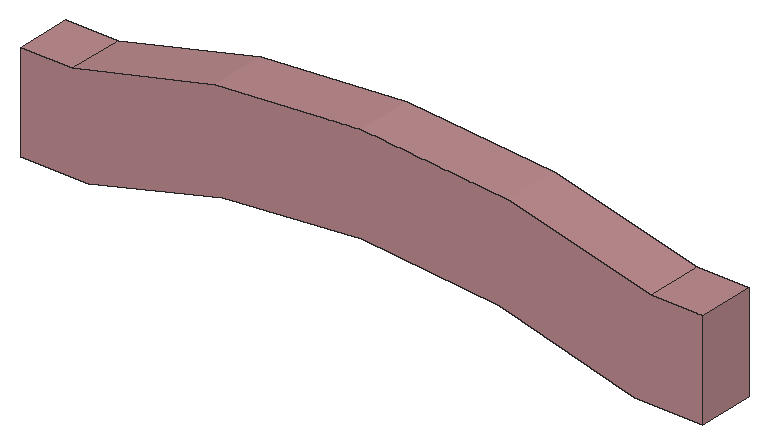
Revit family
Parameters (values of type "125 x 215mm Deep")
  Radius of Head = 1800.0 mm
  Opening Width [instance] = 1200.0 mm
  Material Head = Masonry - Brick Soldier Course
  Keynote = "F10"
  Height to U/S Lintol [instance] = 2110.0 mm
  DONT CHANGE - Upper radius = Radius of Head + Cill Lintol Depth  # 2015.0 mm
  Cill/Lintol Width = 125.0 mm
  Cill/Lintol Offset from Ext = 25.0 mm
  Cill/Lintol Length [instance] = Opening Width + 2 * (Cill Lintol Bearing)  # 1500.0 mm
  Cill Lintol Depth = 215.0 mm
  Cill Lintol Bearing = 150.0 mm
Types (2, lengths in mm): name | Opening Width | Material Head | DONT CHANGE - Upper radius | Cill/Lintol Length | Cill Lintol Depth
  125 x 215mm Deep | 1200.0 | Masonry - Brick Soldier Course | 2015.0 | 1500.0 | 215.0
  125 x 150mm Deep | 1210.0 | none | 1950.0 | 1510.0 | 150.0
Reference planes
  plane 1 "Wall": y = -11.298
  plane 2 "Center (Left/Right)": x = 161.814
  plane 3 "Back": y = 138.702
  plane 4 "U/S Lintol": z = 2325
  plane 5: x = 761.814
  plane 6: x = -438.186
  plane 7: x = 911.814
  plane 8: x = -588.186
  plane 9: y = 163.702
  plane 10: y = 38.702
  plane 11: z = 2110
Forms (mm)
  Extrusion 1, void
    sketch origin (0, 138.702, 0) x (-1, 0, 0) y (0, 0, 1)
      loop
        line (-911.814, 2325) -> (-911.814, 2110) -> (-761.814, 2110)
        arc (-761.814, 2110) -> (-161.814, 2212.944) -> (438.186, 2110) r 1800
        line (438.186, 2110) -> (588.186, 2110) -> (588.186, 2325) -> (474.005, 2325)
        arc (474.005, 2325) -> (-161.814, 2427.944) -> (-797.633, 2325) r 2015
        line (-797.633, 2325) -> (-911.814, 2325)
    from 0 to -100
  Extrusion 2, solid, material "Masonry - Brick Soldier Course" <- "Material Head"
    sketch origin (0, 138.702, 0) x (1, 0, 0) y (0, 0, 1)
      loop
        line (911.814, 2325) -> (797.633, 2325)
        arc (797.633, 2325) -> (161.814, 2427.944) -> (-474.005, 2325) r 2015
        line (-474.005, 2325) -> (-588.186, 2325) -> (-588.186, 2110) -> (-438.186, 2110)
        arc (-438.186, 2110) -> (161.814, 2212.944) -> (761.814, 2110) r 1800
        line (761.814, 2110) -> (911.814, 2110) -> (911.814, 2325)
    from -25 to 100
Text (mm)
  text "Placement side" at (-1848.837, 1116.779, 0), in view "Ref. Level"
  text "Placement side" at (0, 1409.804, 2854.306), in view "Left"
  text "Placement side" at (0, 499.811, 2980.732), in view "Right"
Dimensions and locks
  locked: plane 3 "Back" to host wall
  equal spacing: plane 5, plane 2 "Center (Left/Right)", plane 6
  "Opening Width": plane 5 to plane 6
  "Cill Lintol Bearing": plane 7 to plane 5
  "Cill Lintol Bearing": plane 6 to plane 8
  "Cill/Lintol Offset from Ext": plane 3 "Back" to plane 9
  "Cill/Lintol Width": plane 10 to plane 9
  "Cill Lintol Depth": plane 11 to plane 4 "U/S Lintol"
  "Height to U/S Lintol": level to plane 11
  "Radius of Head": radius of Extrusion 2 sketch curve
  "DONT CHANGE - Upper radius": radius of Extrusion 2 sketch curve
  "Radius of Head": radius of Extrusion 1 sketch curve
  "DONT CHANGE - Upper radius": radius of Extrusion 1 sketch curve
  aligned and locked: plane 1 "Wall" to host wall
  aligned and locked: Extrusion 1 to plane 10
  aligned and locked: host wall to Extrusion 1
  aligned and locked: plane 9 to Extrusion 2
  aligned and locked: Extrusion 2 to plane 10
  aligned and locked: Extrusion 1 sketch curve to plane 11
Automatic sketch dimensions
  Extrusion 2 sketch curve to plane 4 "U/S Lintol" = 0.0 mm  (x2)
  Extrusion 2 sketch curve to plane 8 = 0.0 mm
  Extrusion 2 sketch curve to plane 6 = 0.0 mm
  Extrusion 2 sketch curve to plane 5 = 0.0 mm
  Extrusion 2 sketch curve to plane 7 = 0.0 mm
  Extrusion 2 sketch curve to plane 11 = 0.0 mm
  Extrusion 2 sketch curve to plane 2 "Center (Left/Right)" = 0.0 mm
  Extrusion 2 sketch curve to Extrusion 2 sketch curve = 0.0 mm  (x2)
  Extrusion 1 sketch curve to plane 4 "U/S Lintol" = 0.0 mm  (x2)
  Extrusion 1 sketch curve to plane 7 = 0.0 mm
  Extrusion 1 sketch curve to plane 5 = 0.0 mm
  Extrusion 1 sketch curve to plane 6 = 0.0 mm
  Extrusion 1 sketch curve to plane 8 = 0.0 mm
  Extrusion 1 sketch curve to Extrusion 1 sketch curve = 0.0 mm  (x2)
  Extrusion 1 sketch curve to plane 2 "Center (Left/Right)" = 0.0 mm
